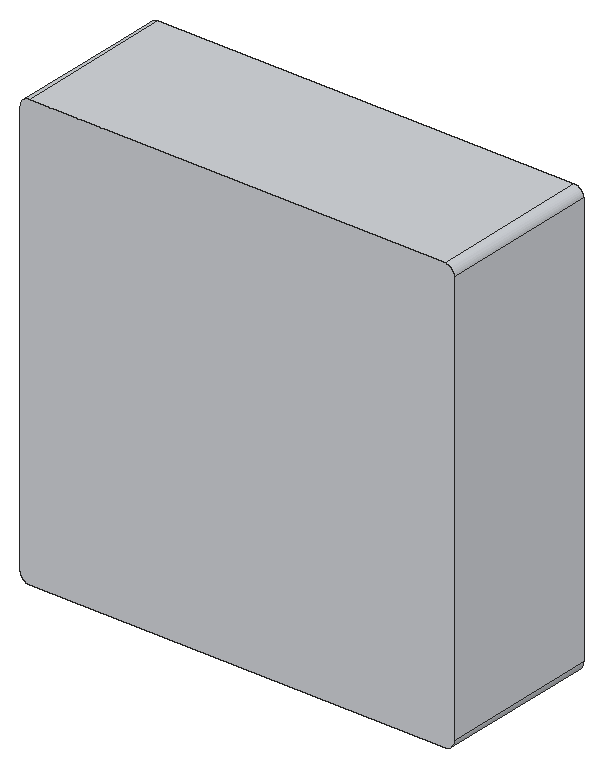
Revit family "Atlas_Sound_IP-SM_Wall_Surface_Mounted", category Communication Devices, host Wall, Revit 2026
Family settings
  Host = Wall
  Round Connector Dimension = Use Diameter
  Part Type = Normal
  Always vertical = Yes
  Cut with Voids When Loaded = No
  Maintain Annotation Orientation = No
  Shared = No
  Room Calculation Point = No
Parameters
  Warranty Duration (Years) = 0
  URL = "https://www.atlasied.com/ip-sm"
  Specification = ""
  SpecWizard = ""
  Send Message = ""
  Sales Information = ""
  Revision = ""
  Product Properties = ""
  Product Data = "https://www.atlasied.com/f/5898/ipx-series-endpoint-speaker-install-sheet.pdf"
  OmniClass Title = ""
  OmniClass Number = ""
  MasterFormat04 Keynote = ""
  Manufacturer's Notes = ""
  Manufacturer Website = "https://www.atlasied.com/"
  Manufacturer Phone - Toll Free = "800-876-3333"
  Manufacturer Phone = "602-438-4545"
  Manufacturer Fax = "602-438-8692"
  Manufacturer Email = ""
  Manufacturer Address = "4545 E. Baseline Rd. Phoenix, AZ 85040"
  Manufacturer = "Atlas Sound"
  Maintenance Schedule (Months) = 0
  Installation-Fabrication = "https://www.atlasied.com/f/5898/ipx-series-endpoint-speaker-install-sheet.pdf"
  Installation Phase = ""
  Green Building-LEED = ""
  Expected Lifespan (Years) = 0
  Drawn By = "Matt Wunch"
  Description = "POE+ indoor wall / ceiling mount IP speaker with paging microphone"
  Default Elevation = 0' - 0"
  Copyright = "Arcat, Inc. ©2018"
  Construction Details = ""
  Company_ID = 0
  Category = ""
  Building Codes = ""
Reference planes (in)
  plane 1: y = 0
  plane 2 "Center (Left/Right)": x = 0
  plane 3 "Wall Edge": y = 3
Text (in)
  text "Placement Side" at (0, 40.15149, 123.01588), in view "Right"
  text "Placement Side" at (-70.3804, 28.46503, 0), in view "Ref. Level"
  text "Placement Side" at (0, 81.62555, 140.59947), in view "Left"
Dimensions and locks (in)
  locked: plane 3 "Wall Edge" to host wall
Nested families (in)
  nested 1: "Nested_Family_IP-SM" at (0, 3, 48) x (0, 0, -1) z (0, 1, 0), type "Nested_Family_IP-SM"
Connectors (in)
  electrical at (0, 7.25, 48)
    settings: on nested 1, index 1, voltage 0 V, apparent load 0 VA, apparent load phase1 0 VA, apparent load phase2 0 VA, apparent load phase3 0 VA, power factor 1, load classification "Other", number of poles 1, system type 14, power factor state 1, is connector primary yes, connector utility no, sub classification motor no, connector description ""
Definition of nested family "Nested_Family_IP-SM"
  Parameters (values of type "Nested_Family_IP-SM")
    Warranty Duration (Years) = 0
    URL = "https://www.atlasied.com/ip-sm"
    Specification = ""
    SpecWizard = ""
    Send Message = ""
    Sales Information = ""
    Revision = ""
    Product Properties = ""
    Product Data = "https://www.atlasied.com/f/5898/ipx-series-endpoint-speaker-install-sheet.pdf"
    OmniClass Title = ""
    OmniClass Number = ""
    Model = "IP-SM"
    MasterFormat04 Keynote = ""
    Manufacturer's Notes = ""
    Manufacturer Website = "https://www.atlasied.com/"
    Manufacturer Phone - Toll Free = "800-876-3333"
    Manufacturer Phone = "602-438-4545"
    Manufacturer Fax = "602-438-8692"
    Manufacturer Email = ""
    Manufacturer Address = "4545 E. Baseline Rd. Phoenix, AZ 85040"
    Manufacturer = "Atlas Sound"
    Maintenance Schedule (Months) = 0
    Length = 0' - 11 1/2"
    Installation-Fabrication = "https://www.atlasied.com/f/5898/ipx-series-endpoint-speaker-install-sheet.pdf"
    Installation Phase = ""
    Green Building-LEED = ""
    Expected Lifespan (Years) = 0
    Drawn By = "Matt Wunch"
    Description = "POE+ indoor wall / ceiling mount IP speaker with paging microphone"
    Default Elevation = 4' - 0"
    Copyright = "Arcat, Inc. ©2018"
    Construction Details = ""
    Company_ID = 38830
    Category = ""
    Building Codes = ""
  Reference planes (in)
    plane 1 "Center (Front/Back)": y = 0
    plane 2: z = 0
    plane 3 "Center (Left/Right)": x = 0
    plane 4: x = -5.75
    plane 5: x = 5.75
    plane 6: y = -5.75
    plane 7: y = 5.75
  Forms (in)
    Extrusion 1, solid
      sketch origin (0, 0, 0) x (1, 0, 0) y (0, 1, 0)
        loop
          arc (-5.5, 5.75) -> (-5.67678, 5.67678) -> (-5.75, 5.5) r 0.25
          line (-5.75, 5.5) -> (-5.75, -5.5)
          arc (-5.75, -5.5) -> (-5.67678, -5.67678) -> (-5.5, -5.75) r 0.25
          line (-5.5, -5.75) -> (5.5, -5.75)
          arc (5.5, -5.75) -> (5.67678, -5.67678) -> (5.75, -5.5) r 0.25
          line (5.75, -5.5) -> (5.75, 5.5)
          arc (5.75, 5.5) -> (5.67678, 5.67678) -> (5.5, 5.75) r 0.25
          line (5.5, 5.75) -> (-5.5, 5.75)
      from 0 to 4.25
  Lines and regions (in)
    model lines
      curve 1: line (-5.375, 5.25, 4.25) -> (5.375, 5.25, 4.25)
      curve 2: line (-5.625, -5, 4.25) -> (-5.625, 5, 4.25)
      curve 3: line (5.375, -5.25, 4.25) -> (-5.375, -5.25, 4.25)
      curve 4: line (5.625, 5, 4.25) -> (5.625, -5, 4.25)
      curve 5: arc (-5.625, 5, 4.25) -> (-5.55178, 5.17678, 4.25) -> (-5.375, 5.25, 4.25) r 0.25
      curve 6: arc (5.375, 5.25, 4.25) -> (5.55178, 5.17678, 4.25) -> (5.625, 5, 4.25) r 0.25
      curve 7: arc (5.625, -5, 4.25) -> (5.55178, -5.17678, 4.25) -> (5.375, -5.25, 4.25) r 0.25
      curve 8: arc (-5.375, -5.25, 4.25) -> (-5.55178, -5.17678, 4.25) -> (-5.625, -5, 4.25) r 0.25
  Dimensions and locks (in)
    equal spacing: plane 4, plane 3 "Center (Left/Right)", plane 5
    "Length": plane 4 to plane 5
    equal spacing: plane 7, plane 1 "Center (Front/Back)", plane 6
    "Length": plane 7 to plane 6
    aligned and locked: plane 2 to level
    aligned and locked: Extrusion 1 sketch curve to plane 4
    aligned and locked: Extrusion 1 sketch curve to plane 7
    aligned and locked: Extrusion 1 sketch curve to plane 5
    aligned and locked: Extrusion 1 sketch curve to plane 6
  Automatic sketch dimensions
    Extrusion 1 sketch curve to plane 4 = 0' - 0 1/4"  (x2)
    Extrusion 1 sketch curve to plane 5 = 0' - 0 1/4"  (x2)
    curve 8 to Extrusion 1 = 0' - 0 3/8"
    curve 5 to Extrusion 1 = 0' - 0 3/8"
    curve 6 to Extrusion 1 = 0' - 0 3/8"
    curve 7 to Extrusion 1 = 0' - 0 3/8"
    curve 8 to Extrusion 1 = 0' - 0 3/4"
    curve 6 to Extrusion 1 = 0' - 0 3/4"
    curve 2 to Extrusion 1 = 0' - 0 1/8"
    curve 6 to Extrusion 1 = 0' - 0 1/8"
